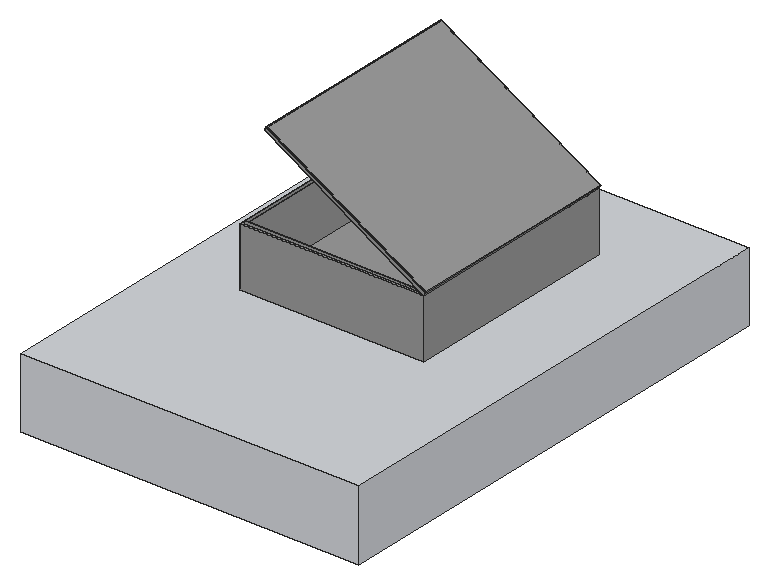
Revit family "Hager-Univers-IP55-D275-H950-Cl.I-Steel_encl-DE-de", category Equipement électrique, Revit 2020
Family settings
  Hôte = Face
  Configuration du panneau = Deux colonnes, circuits au sein
  Cote de connecteur circulaire = Utiliser le diamètre
  Type d'élément = Tableau de raccordement
  Couper avec des vides une fois chargée = Non
  Partagée = Non
  Point de calcul de pièce = Non
Parameters (values of type "Aufputz IP55 B800 H950 T275  - FR63E")
  Width Control [instance] = if([EF000008 - Breite] > Min Width, [EF000008 - Breite], Min Width)  # 800 mm
  Commentaires du type = [HG000003 - Bereich]  # "Univers"
  Thickness Door [instance] = if([EF009171 - Materialstärke Tür/Deckel] > 3 mm, 3 mm, [EF009171 - Materialstärke Tür/Deckel])  # 1.5 mm
  Seal Frame Offset [instance] = 17 mm  # constant formula
  Plinth Visibility [instance] = [HG000027 - Sockelhöhe] > 0 mm  # no
  Model = ""
  Min Width [instance] = 100 mm  # constant formula
  Min Height [instance] = 100 mm  # constant formula
  Min Depth [instance] = (2 * [EF009170 - Materialstärke Gehäuse]) + 1 mm  # 4 mm
  Internal Frame Depth [instance] = (Door System Depth * 0.5)  # 9 mm
  Height Control [instance] = if([EF000040 - Höhe] > Min Height, [EF000040 - Höhe], Min Height)  # 950 mm
  HG000027 - Sockelhöhe = 0 mm
  HG000026 - Stehend auf dem Boden = no
  HG000024 - Höhe des unteren Teils = 800 mm
  HG000023 - Gehäuse mit doppeltem Querschnitt = no
  HG000016 - 3D-Türsichtbarkeit [instance] = yes
  HG000015 - Sichtbarkeit der Türöffnung [instance] = no
  HG000014 - Tür rechts [instance] = yes
  HG000013 - Tür links [instance] = not([HG000014 - Tür rechts])  # no
  HG000012 - Türschwenkwinkel [instance] = 30.00°
  HG000010 - Asymmetrische Türen = no
  HG000009 - Doppelflügeligen Tür = no
  HG000006 - Unterputz = no
  HG000004 - Herstellerreferenz = "FR63E"
  HG000003 - Bereich = "Univers"
  HG000002 - Mit tür = yes
  Frame Offset Bottom [instance] = 10 mm  # constant formula
  Frame Offset [instance] = 15 mm  # constant formula
  EF015940 - Deckel mit Überdruckentlastung = no
  EF011959 - Schutzart (NEMA) = ""
  EF009554 - Anzahl der Öffnungen für Flanschplatten = 6
  Fabricant = "Hager"  # constant formula
  EF009212 - Ausführung Deckel = "EV000116 - geschlossen"
  EF009171 - Materialstärke Tür/Deckel = 1.5 mm
  EF009170 - Materialstärke Gehäuse = 1.5 mm
  EF008873 - Nennstrom (In) = 800 A
  EF007800 - Geeignet für Blitzschutz = no
  EF006306 - Mit Schloss = no
  EF006244 - Transparenter Deckel/Tür = no
  EF005474 - Schutzart (IP) = "EV006420 - IP55"
  EF004464 - Art der Tür = "EV002646 - Einzel"
  EF004427 - Anzahl der Module = 216
  EF004293 - Schlagfestigkeit = "EV008784 - IK10"
  EF003532 - Geeignet für Außengebrauch = no
  EF002950 - Breite in Teilungseinheiten = 24
  EF001613 - Funktionserhalt = "EV000494 - ohne"
  EF001596 - Werkstoff des Gehäuses = "EV000179 - Stahl"
  EF001131 - Innentiefe = 275 mm
  EF001088 - Anbaumöglichkeit = yes
  EF000437 - Anzahl der Leitungseinführungen = 6
  EF000339 - Art der Abdeckung = "EV004216 - Tür"
  EF000266 - Anzahl der Reihen = 6
  EF000218 - Einbautiefe = 0 mm
  EF000118 - Mit Montageplatte = no
  EF000116 - RAL-Nummer = "7035"
  EF000049 - Tiefe = 275 mm
  EF000040 - Höhe = 950 mm
  EF000008 - Breite = 800 mm
  EF000007 - Farbe = "EV000270 - grau"
  EF000003 - Montageart = "EV000384 - Aufputz"
  Door System Leaf Tolerance [instance] = 1.5 mm  # constant formula
  Door System Depth [instance] = 18 mm  # constant formula
  Door Height [instance] = Height Control - [HG000027 - Sockelhöhe]  # 950 mm
  Depth Control [instance] = if([EF000049 - Tiefe] > Min Depth, [EF000049 - Tiefe], Min Depth)  # 275 mm
  Default Elevation = 0 mm
  Connector Offset [instance] = Height Control / 2  # 475 mm
  Bottom Top Plate Trim [instance] = 1.5 mm  # constant formula
  Plinth height Ctrl [instance] = if([HG000027 - Sockelhöhe] > 0 mm, [HG000027 - Sockelhöhe], 12 mm)  # 12 mm
Types (5, lengths in mm): name | Width Control | HG000010 - Asymmetrische Türen | HG000009 - Doppelflügeligen Tür | HG000004 - Herstellerreferenz | EF009554 - Anzahl der Öffnungen für Flanschplatten | EF004464 - Art der Tür | EF004427 - Anzahl der Module | EF000437 - Anzahl der Leitungseinführungen | EF000008 - Breite
  Aufputz IP55 B1050 H950 T275  - FR64E | 1050 | no | yes | "FR64E" | 8 | "EV003602 - Doppel" | 288 | 8 | 1050
  Aufputz IP55 B1300 H950 T275  - FR65E | 1300 | yes | yes | "FR65E" | 10 | "EV003602 - Doppel" | 360 | 10 | 1300
  Aufputz IP55 B300 H950 T275  - FR61E | 300 | no | no | "FR61E" | 2 | "EV002646 - Einzel" | 72 | 2 | 300
  Aufputz IP55 B550 H950 T275  - FR62E | 550 | no | no | "FR62E" | 4 | "EV002646 - Einzel" | 144 | 4 | 550
  Aufputz IP55 B800 H950 T275  - FR63E | 800 | no | no | "FR63E" | 6 | "EV002646 - Einzel" | 216 | 6 | 800
Reference planes
  plane 1 "Center (Front/Back)": y = 0
  plane 2: z = 0
  plane 3 "Center (Left/Right)": x = 0
  plane 4: z = 275
  plane 5: y = 1.5
  plane 6: y = 475
  plane 7: y = 0
  plane 8: y = 950
  plane 9: z = 0
  plane 10: x = -385
  plane 11: x = 385
  plane 12: x = 383.5
  plane 13: x = -383.5
  plane 14: y = 948.5
  plane 15: x = -383
  plane 16: x = -400
  plane 17: x = 383
  plane 18: x = 400
  plane 19: x = 398.5
  plane 20: x = -398.5
  plane 21: y = 11.5
  plane 22: y = 950
  plane 23: y = 933.5
  plane 24: z = 257
  plane 25: z = 1.5
  plane 26: z = 255.5
  plane 27: z = 273.5
Forms (mm)
  Extrusion 1, solid
    sketch origin (0, 0, 0) x (1, 0, 0) y (0, 1, 0)
      loop
        line (-702.964, 1305) -> (-702.964, -811.445) -> (766.763, -811.445) -> (766.763, 1305) -> (-702.964, 1305)
    from 0 to -304.8
  Extrusion 2, solid, material "Hager_Steel_RAL7035_Light_Grey", visible <- "Plinth Visibility", detail levels medium+fine
    sketch origin (0, 0, 0) x (1, 0, 0) y (0, 1, 0)
      loop
        line (-400, 0) -> (400, 0) -> (400, 12) -> (-400, 12) -> (-400, 0)
    from 0 to 257
  Extrusion 3, solid, material "Hager_Steel_RAL7035_Light_Grey", detail levels medium+fine
    sketch origin (0, 0, 0) x (1, 0, 0) y (0, 1, 0)
      loop
        line (-400, 0) -> (400, 0) -> (400, 950) -> (-400, 950) -> (-400, 0)
    from 0 to 257
  Extrusion 4, void
    sketch origin (0, 0, 0) x (1, 0, 0) y (0, 1, 0)
      loop
        line (-398.5, 1.5) -> (398.5, 1.5) -> (398.5, 948.5) -> (-398.5, 948.5) -> (-398.5, 1.5)
    from 1.5 to 255.5
  Extrusion 5, void
    sketch origin (-381.607, -4572, 257) x (0, -1, 0) y (-1, 0, 0)
      loop
        line (-4583.5, 1.893) -> (-5505.5, 1.893) -> (-5505.5, -765.107) -> (-4583.5, -765.107) -> (-4583.5, 1.893)
    from 0 to 1.5 <- "EF009170 - Materialstärke Gehäuse"
  Extrusion 6, solid, material "Hager_Steel_RAL7035_Light_Grey", detail levels fine
    sketch origin (0, 0, 257) x (1, 0, 0) y (0, 1, 0)
      loop
        line (-383.5, 933.5) -> (-383.5, 11.5) -> (383.5, 11.5) -> (383.5, 933.5) -> (-383.5, 933.5)
      loop
        line (-385, 10) -> (385, 10) -> (385, 935) -> (-385, 935) -> (-385, 10)
    from 0 to 9 <- "Internal Frame Depth"
  Extrusion 7, solid, material "Hager_Steel_RAL7035_Light_Grey", detail levels coarse
    sketch origin (0, 0, 0) x (1, 0, 0) y (0, 1, 0)
      loop
        line (-400, 0) -> (400, 0) -> (400, 950) -> (-400, 950) -> (-400, 0)
    from 0 to 275
  Sweep 8, void
    path in 3D
      loop
        line (-400, 12, 0) -> (400, 12, 0) -> (400, 12, 257) -> (-400, 12, 257) -> (-400, 12, 0)
    profile origin (-400, 12, 128.5) x (-1, 0, 0) y (0, -1, 0)
      loop
        line (0, 0) -> (0, 1.5) -> (-1.5, 1.5)
        arc (-1.5, 1.5) -> (-1.061, 0.439) -> (0, 0) r 1.5
Cuts and joins
  Extrusion 4, Extrusion 5 cuts Extrusion 3
  Sweep 8 cuts Extrusion 2
Lines and regions (mm)
  Masking region 1
    outline origin (0, 0, 0) x (1, 0, 0) y (0, 0, 1)
      loop
        line (-400, 275) -> (-400, 0) -> (400, 0) -> (400, 275) -> (-400, 275)
  Masking region 2, detail levels medium+fine
    outline origin (0, 140, 0) x (0, 1, 0) y (0, 0, 1)
      loop
        line (-140, 0) -> (810, 0) -> (810, 257) -> (-140, 257) -> (-140, 0)
  Masking region 3, not visible, detail levels medium+fine
    outline origin (0, 297.922, 0) x (0, 1, 0) y (0, 0, 1)
      loop
        line (188.578, 0) -> (228.578, 0) -> (228.578, 263.5)
        arc (228.578, 263.5) -> (225.649, 270.571) -> (218.578, 273.5) r 10
        line (218.578, 273.5) -> (188.578, 273.5) -> (188.578, 0)
  Masking region 4, detail levels coarse
    outline origin (0, 0, 180) x (0, 1, 0) y (0, 0, 1)
      loop
        line (0, -180) -> (950, -180) -> (950, 95) -> (0, 95) -> (0, -180)
  Masking region 5, visible <- "Plinth Visibility", detail levels medium+fine
    outline origin (0, 52.24, 12.345) x (0, 0, -1) y (0, 1, 0)
      loop
        line (10.845, -40.24) -> (-243.155, -40.24)
        arc (-243.155, -40.24) -> (-243.594, -41.301) -> (-244.655, -41.74) r 1.5
        line (-244.655, -41.74) -> (-244.655, -52.24) -> (12.345, -52.24) -> (12.345, -41.74)
        arc (12.345, -41.74) -> (11.285, -41.301) -> (10.845, -40.24) r 1.5
  Masking region 6, detail levels medium+fine
    outline origin (-381.607, -4572, 257) x (-1, 0, 0) y (0, -1, 0)
      loop
        line (18.393, -5522) -> (18.393, -4572) -> (-781.607, -4572) -> (-781.607, -5522) -> (18.393, -5522)
  Masking region 7, visible <- "Plinth Visibility", detail levels medium+fine
    outline origin (-381.607, -4727, 257) x (-1, 0, 0) y (0, -1, 0)
      loop
        arc (16.893, -4739) -> (17.332, -4737.939) -> (18.393, -4737.5) r 1.5
        line (18.393, -4737.5) -> (18.393, -4727) -> (-781.607, -4727) -> (-781.607, -4737.5)
        arc (-781.607, -4737.5) -> (-780.546, -4737.939) -> (-780.107, -4739) r 1.5
        line (-780.107, -4739) -> (16.893, -4739)
  Masking region 8, detail levels coarse
    outline origin (-442.548, -4669.526, 257) x (-1, 0, 0) y (0, -1, 0)
      loop
        line (-42.548, -5619.526) -> (-42.548, -4669.526) -> (-842.548, -4669.526) -> (-842.548, -5619.526) -> (-42.548, -5619.526)
  sketch lines
    curve 1: line (-400, 12, 257) -> (-400, 12, 0)
    curve 2: line (400, 12, 257) -> (-400, 12, 257)
    curve 3: line (400, 12, 257) -> (400, 12, 0)
    curve 4: line (-400, 12, 0) -> (400, 12, 0)
Dimensions and locks
  "Depth Control": plane 4 to Extrusion 1
  "HG000027 - Sockelhöhe": plane 1 "Center (Front/Back)" to plane 7
  "EF009170 - Materialstärke Gehäuse": plane 5 to plane 7
  locked: connector elem to plane 3 "Center (Left/Right)"
  equal spacing: plane 8, plane 6, plane 7
  locked: connector elem to plane 6
  "EF009170 - Materialstärke Gehäuse": plane 8 to plane 14
  "EF009170 - Materialstärke Gehäuse": plane 10 to plane 13
  "EF009170 - Materialstärke Gehäuse": plane 12 to plane 11
  "Frame Offset": plane 20 to plane 13
  "Frame Offset": plane 12 to plane 19
  "EF009170 - Materialstärke Gehäuse": plane 16 to plane 20
  "EF009170 - Materialstärke Gehäuse": plane 19 to plane 18
  "Seal Frame Offset": plane 16 to plane 15
  "Seal Frame Offset": plane 17 to plane 18
  "Frame Offset Bottom": plane 21 to plane 5
  "Frame Offset": plane 14 to plane 23
  equal spacing: plane 16, plane 3 "Center (Left/Right)", plane 18
  "Width Control": plane 16 to plane 18
  "EF009170 - Materialstärke Gehäuse": plane 4 to plane 27
  "EF009170 - Materialstärke Gehäuse": plane 24 to plane 26
  "EF009170 - Materialstärke Gehäuse": plane 25 to level
  "Door System Depth": plane 4 to plane 24
  "Height Control": plane 1 "Center (Front/Back)" to Extrusion 7 sketch curve
  "Height Control": Masking region 4 sketch curve to plane 1 "Center (Front/Back)"
  "Height Control": plane 1 "Center (Front/Back)" to plane 22
  "Bottom Top Plate Trim": profile plane to Sweep 8 sketch curve
  "Bottom Top Plate Trim": Sweep 8 sketch curve to profile plane
  "Plinth height Ctrl": plane 1 "Center (Front/Back)" to Extrusion 2 sketch curve
  "Plinth height Ctrl": Masking region 5 sketch curve to plane 1 "Center (Front/Back)"
  "Plinth height Ctrl": plane 1 "Center (Front/Back)" to Masking region 7 sketch curve
  "Thickness Door": Extrusion 6 sketch curve to Extrusion 6 sketch curve  (x3)
  "Thickness Door": cut or joined group of Extrusion 3, Extrusion 4, Extrusion 5 to Extrusion 6 sketch curve
  radius of Masking region 3 sketch curve = 10 mm
  "Bottom Top Plate Trim": radius of Masking region 5 sketch curve  (x2)
  "Bottom Top Plate Trim": radius of Sweep 8 sketch curve
  "Bottom Top Plate Trim": radius of Masking region 7 sketch curve  (x2)
  aligned and locked: plane 2 to Extrusion 1
  aligned and locked: level to Extrusion 1
  aligned and locked: level to Masking region 1 sketch curve
  aligned and locked: Masking region 1 sketch curve to plane 18
  aligned and locked: Masking region 1 sketch curve to plane 16
  aligned and locked: plane 7 to Masking region 2 sketch curve
  aligned and locked: level to Masking region 3 sketch curve
  aligned and locked: Masking region 3 sketch curve to plane 27
  aligned and locked: level to Masking region 2 sketch curve
  aligned and locked: plane 1 "Center (Front/Back)" to Extrusion 2 sketch curve
  aligned and locked: Extrusion 3 sketch curve to plane 7
  aligned and locked: plane 16 to Extrusion 3 sketch curve
  aligned and locked: plane 18 to Extrusion 3 sketch curve
  aligned and locked: plane 20 to Extrusion 4 sketch curve
  aligned and locked: plane 19 to Extrusion 4 sketch curve
  aligned and locked: Extrusion 4 sketch curve to plane 5
  aligned and locked: Extrusion 4 to plane 25
  aligned and locked: plane 26 to Extrusion 4
  aligned and locked: plane 24 to Extrusion 3
  aligned and locked: Extrusion 5 sketch curve to plane 21
  aligned and locked: Extrusion 5 sketch curve to plane 13
  aligned and locked: Extrusion 5 sketch curve to plane 12
  aligned and locked: plane 18 to Extrusion 7 sketch curve
  aligned and locked: plane 1 "Center (Front/Back)" to Extrusion 7 sketch curve
  aligned and locked: plane 16 to Extrusion 7 sketch curve
  aligned and locked: plane 4 to Extrusion 7
  aligned and locked: Extrusion 7 to level
  aligned and locked: level to Masking region 4 sketch curve
  aligned and locked: Masking region 4 sketch curve to plane 1 "Center (Front/Back)"
  aligned and locked: Masking region 4 sketch curve to plane 4
  aligned and locked: nested 1 to level
  aligned and locked: nested 1 to plane 16
  aligned and locked: plane 8 to Extrusion 3 sketch curve
  aligned and locked: plane 23 to Extrusion 5 sketch curve
  aligned and locked: plane 14 to Extrusion 4 sketch curve
  aligned and locked: Masking region 2 sketch curve to plane 8
  aligned and locked: level to Masking region 5 sketch curve
  aligned and locked: plane 16 to Extrusion 2 sketch curve
  aligned and locked: plane 18 to Extrusion 2 sketch curve
  aligned and locked: Masking region 5 sketch curve to plane 24
  aligned and locked: Masking region 2 sketch curve to plane 24
  aligned and locked: plane 24 to Extrusion 2
  aligned and locked: profile plane to Sweep 8 sketch curve  (x2)
  aligned and locked: Masking region 6 sketch curve to plane 18
  aligned and locked: Masking region 6 sketch curve to plane 22
  aligned and locked: Masking region 6 sketch curve to plane 16
  aligned and locked: plane 8 to plane 22
  aligned and locked: Masking region 6 sketch curve to plane 7
  aligned and locked: Masking region 7 sketch curve to plane 16
  aligned and locked: Masking region 7 sketch curve to plane 1 "Center (Front/Back)"
  aligned and locked: Masking region 7 sketch curve to plane 18
  aligned and locked: Masking region 8 sketch curve to plane 1 "Center (Front/Back)"
  aligned and locked: Masking region 8 sketch curve to plane 18
  aligned and locked: Masking region 8 sketch curve to plane 22
  aligned and locked: Masking region 8 sketch curve to plane 16
  aligned and locked: nested 2 to plane 7
  aligned and locked: plane 3 "Center (Left/Right)" to nested 2
  aligned and locked: nested 2 to plane 24
  aligned and locked: Extrusion 6 sketch curve to cut or joined group of Extrusion 3, Extrusion 4, Extrusion 5  (x4)
Automatic sketch dimensions
  Extrusion 1 sketch curve to Extrusion 1 sketch curve = 1469.727 mm
  Extrusion 1 sketch curve to Extrusion 1 sketch curve = 2116.445 mm
  Masking region 1 sketch curve to plane 4 = 0 mm
  plane 6 to Masking region 3 sketch curve = 11.5 mm
  Masking region 3 sketch curve to Masking region 3 sketch curve = 30 mm
  Masking region 5 sketch curve to plane 1 "Center (Front/Back)" = 0 mm
Nested families
  nested 1: "Hager_Enclosure_Symbol" at (-400, 0, 0) x (1, 0, 0) z (0, -1, 0), Height <- "Depth Control", Width <- "Width Control", type "Hager_Enclosure_Symbol"
    with Width_Ctrl 800 mm, Width 800 mm, Height_Ctrl 275 mm, Height 275 mm, A_Width_Int 18.047 mm, A_Width 216.562 mm, A_Height_Ctrl 240.625 mm, A_Height 240.625 mm
  nested 2: "EC000058_Univers_Door" at (0, 0, 257) x (1, 0, 0) z (0, 1, 0), Leaf_Tolerance <- "Door System Leaf Tolerance", Angle <- "HG000012 - Türschwenkwinkel", Door_Depth <- "Door System Depth", Door_Left <- "HG000013 - Tür links", Transparent <- "EF006244 - Transparenter Deckel/Tür", Assymetrical <- "HG000010 - Asymmetrische Türen", Width <- "Width Control", Clearance <- "HG000015 - Sichtbarkeit der Türöffnung", Double <- "HG000009 - Doppelflügeligen Tür", 3d_Door <- "HG000016 - 3D-Türsichtbarkeit", Lock_Visibility <- "EF006306 - Mit Schloss", Width_Ctrl <- "Width Control", Door_Right <- "HG000014 - Tür rechts", Door <- "HG000002 - Mit tür", Height <- "Door Height", Thickness <- "Thickness Door", type "EC000058_Univers_Door", detail levels medium+fine
    with min_wh 4 mm, Width_Ctrl 800 mm, Width 800 mm, Transparent no, Thickness 1.5 mm, Seal_Material Hager_Rubber, Lock_Visibility no, Lock_Material Hager_Plastic_RAL9005_Jet_Black, Leaf_Width 800 mm, Leaf_Tolerance_External_Sides 0 mm, Leaf_Tolerance 1.5 mm, Leaf_Offset 0 mm, Leaf_Height 947 mm, Leaf_2_Width 800 mm, Leaf_2_Offset 400 mm, Leaf_1_Width 800 mm, Leaf_1_Offset 400 mm, Height_Ctrl 950 mm, Height 950 mm, Glass_Material Hager_Glass, Double_Clearance_Ctrl no, Double no, Door_Right_Ctrl yes, Door_Right yes, Door_Material Hager_Steel_RAL7035_Light_Grey, Door_Left_Ctrl no, Door_Left no, Door_Depth 18 mm, Door yes, Clearance_Material Hager_Clearance, Clearance_Depth 800 mm, Clearance_Ctrl no, Clearance no, Assymetrical no, Angle 30.00°, 3d_Door yes
Connectors
  electrical at (0, 475, 0)
    settings: on plane 9, index 1, voltage 0 V, apparent load 0 VA, apparent load phase1 0 VA, apparent load phase2 0 VA, apparent load phase3 0 VA, power factor 1, load classification "Other", number of poles 1, system type 30, power factor state 1, is connector primary yes, connector utility no, sub classification motor no, connector description ""
Definition of nested family "EC000058_Univers_Door"
  Parameters (values of type "EC000058_Univers_Door")
    min_wh [instance] = (2 * Thickness) + 1 mm  # 11 mm
    Width_Ctrl [instance] = 400 mm
    Width [instance] = 500 mm
    Transparent [instance] = yes
    Thickness [instance] = 5 mm
    Seal_Material [instance] = none
    Lock_Visibility [instance] = yes
    Lock_Material [instance] = none
    Leaf_Width [instance] = if((Width_Ctrl - 2 * Leaf_Tolerance_External_Sides) > 0 mm, (Width_Ctrl - 2 * Leaf_Tolerance_External_Sides), min_wh)  # 400 mm
    Leaf_Tolerance_External_Sides [instance] = 0 mm  # constant formula
    Leaf_Tolerance [instance] = 1.5 mm
    Leaf_Offset [instance] = 0 mm  # constant formula
    Leaf_Height [instance] = if((Height_Ctrl - 2 * Leaf_Tolerance) > 0 mm, (Height_Ctrl - 2 * Leaf_Tolerance), min_wh)  # 497 mm
    Leaf_2_Width [instance] = if(and(and(Double, Assymetrical), Door_Left), (Leaf_Width / 3) - (Leaf_Tolerance / 2), if(and(and(Double, Assymetrical), Door_Right), (Leaf_Width / 3) * 2 - (Leaf_Tolerance / 2), if(and(Double, not(Assymetrical)), (Leaf_Width / 2) - Leaf_Tolerance, Leaf_Width)))  # 400 mm
    Leaf_2_Offset [instance] = if(and(Double, Assymetrical), Leaf_2_Width / 2, if(and(Double, not(Assymetrical)), Leaf_Width / 4, Leaf_Width / 2))  # 200 mm
    Leaf_1_Width [instance] = if(and(and(Double, Assymetrical), Door_Right), (Leaf_Width / 3) - (Leaf_Tolerance / 2), if(and(and(Double, Assymetrical), Door_Left), (Width / 3) * 2 - (Leaf_Tolerance / 2), if(and(Double, not(Assymetrical)), (Leaf_Width / 2) - Leaf_Tolerance, Leaf_Width)))  # 400 mm
    Leaf_1_Offset [instance] = if(and(Double, Assymetrical), Leaf_1_Width / 2, if(and(Double, not(Assymetrical)), Leaf_Width / 4, Leaf_Width / 2))  # 200 mm
    Height_Ctrl [instance] = if(Height > min_wh, Height, min_wh)  # 500 mm
    Height [instance] = 500 mm
    Glass_Material [instance] = none
    Double_Clearance_Ctrl [instance] = and(Double, Clearance)  # no
    Double [instance] = no
    Door_Right_Ctrl [instance] = and(or(Door_Right, Double), Door)  # yes
    Door_Right [instance] = yes
    Door_Material [instance] = none
    Door_Left_Ctrl [instance] = and(or(Door_Left, Double), Door)  # no
    Door_Left [instance] = no
    Door_Depth [instance] = 30 mm
    Door [instance] = yes
    Default Elevation = 1219.2 mm
    Clearance_Material [instance] = none
    Clearance_Depth [instance] = if(Leaf_1_Width > Leaf_2_Width, Leaf_1_Width, Leaf_2_Width)  # 400 mm
    Clearance_Ctrl [instance] = and(not(Double), Clearance)  # yes
    Clearance [instance] = yes
    Assymetrical [instance] = yes
    Angle [instance] = 30.00°
    3d_Door [instance] = yes
  Reference planes
    plane 1 "Center (Front/Back)": y = 0
    plane 2 "Bottom": z = 0
    plane 3 "Center (Left/Right)": x = 0
    plane 4: z = 500
    plane 5: x = -200
    plane 6: x = 200
    plane 7: z = 500
    plane 8: x = -200
    plane 9: z = 0
    plane 10: x = 200
    plane 11: y = 0
    plane 12: z = 1.5
    plane 13: x = -600
    plane 14: y = -400
    plane 15: x = 600
    plane 16: x = 0
    plane 17: x = 0
    plane 18: x = -200
    plane 19: x = 200
    plane 20: z = 498.5
  Forms (mm)
    Extrusion 1, solid, material <- "Clearance_Material", visible <- "Double_Clearance_Ctrl"
      sketch origin (1200, 0, 0) x (1, 0, 0) y (0, 0, -1)
        loop
          line (-1800, -498.5) -> (-600, -498.5) -> (-600, 0) -> (-1800, 0) -> (-1800, -498.5)
      from 0 to -400
  Dimensions and locks
    equal spacing: plane 5, plane 3 "Center (Left/Right)", plane 6
    "Width_Ctrl": plane 5 to plane 6
    "Leaf_Offset": plane 5 to plane 8
    "Leaf_Offset": plane 6 to plane 10
    "Leaf_Offset": plane 9 to level
    "Leaf_Offset": plane 4 to plane 7
    "Height_Ctrl": plane 4 to level
    "Leaf_Tolerance": plane 12 to plane 9
    locked: plane 11 to plane 1 "Center (Front/Back)"
    "Leaf_1_Offset": plane 18 to plane 16
    "Leaf_2_Offset": plane 17 to plane 19
    "Leaf_1_Width": plane 13 to plane 8
    "Leaf_2_Width": plane 10 to plane 15
    "Clearance_Depth": plane 14 to plane 1 "Center (Front/Back)"
    "Leaf_Tolerance_External_Sides": plane 8 to plane 18
    "Leaf_Tolerance_External_Sides": plane 19 to plane 10
    "Leaf_Tolerance": plane 7 to plane 20
    aligned and locked: level to plane 2 "Bottom"
    aligned and locked: nested 1 to plane 16
    aligned and locked: nested 2 to plane 17
    aligned and locked: Extrusion 1 to plane 13
    aligned and locked: plane 15 to Extrusion 1
    aligned and locked: Extrusion 1 to plane 14
    aligned and locked: plane 12 to nested 1
    aligned and locked: nested 2 to plane 12
    aligned and locked: Extrusion 1 to plane 11
    aligned and locked: plane 20 to Extrusion 1
    aligned and locked: nested 2 to plane 11
    aligned and locked: nested 1 to plane 11
  Automatic sketch dimensions
    Extrusion 1 sketch curve to level = 0 mm
    plane 5 to Extrusion 1 sketch curve = 400 mm
    plane 6 to Extrusion 1 sketch curve = 400 mm
    Extrusion 1 sketch curve to plane 4 = 1.5 mm
  Nested families
    nested 1: "EC000058_Univers_Door_Leaf" at (0, 0, 1.5), Width <- "Leaf_1_Width", visible <- "Door_Left_Ctrl", Leaf_Height <- "Leaf_Height", Angle <- "Angle", 3d_Door <- "3d_Door", Transparent <- "Transparent", Clearance Material <- "Clearance_Material", Clearance <- "Clearance_Ctrl", Door_Material <- "Door_Material", Glass_Material <- "Glass_Material", Door_Depth <- "Door_Depth", Lock_Material <- "Lock_Material", Seal_Material <- "Seal_Material", Lock_Visibility <- "Lock_Visibility", Thickness <- "Thickness", type "EC000058_Univers_Door_Leaf"
      with Width 400 mm, Transparent_Glass_Offset 30 mm, Transparent_Ctrl yes, Transparent yes, Thickness 5 mm, Standard no, Seal_Material none, Seal_D2 8 mm, Seal_D1 1 mm, Offset_Internal_Frame 10 mm, Lock_Width 20 mm, Lock_Visibility_3d yes, Lock_Visibility yes, Lock_Thickness_3 3 mm, Lock_Thickness_2 1 mm, Lock_Thickness_1 3 mm, Lock_Radius_Offset_2 16 mm, Lock_Radius_Offset_1 15 mm, Lock_Radius_2 5 mm, Lock_Radius 6 mm, Lock_Offset 5 mm, Lock_Material none, Lock_Height 80 mm, Lock_Cover_Top_Offset_2d 17 mm, Lock_Cover_Height -65 mm, Leaf_Height 497 mm, Internal_Seal_Thickness 8 mm, Internal_Seal_Depth_2 4.5 mm, Internal_Frame_Depth 25 mm, Glass_Thickness -1 mm, Glass_Offset -2 mm, Glass_Material none, Door_Material none, Door_Depth 30 mm, Clearance Material none, Clearance yes, Angle_Ctrl 30.00°, Angle 30.00°, 3d_Door yes
    nested 2: "EC000058_Univers_Door_Leaf" at (0, 0, 1.5) x (-1, 0, 0) z (0, 0, 1), Width <- "Leaf_2_Width", visible <- "Door_Right_Ctrl", Leaf_Height <- "Leaf_Height", Angle <- "Angle", 3d_Door <- "3d_Door", Transparent <- "Transparent", Clearance Material <- "Clearance_Material", Clearance <- "Clearance_Ctrl", Door_Material <- "Door_Material", Glass_Material <- "Glass_Material", Door_Depth <- "Door_Depth", Lock_Material <- "Lock_Material", Seal_Material <- "Seal_Material", Lock_Visibility <- "Lock_Visibility", Thickness <- "Thickness", type "EC000058_Univers_Door_Leaf"
      with Width 400 mm, Transparent_Glass_Offset 30 mm, Transparent_Ctrl yes, Transparent yes, Thickness 5 mm, Standard no, Seal_Material none, Seal_D2 8 mm, Seal_D1 1 mm, Offset_Internal_Frame 10 mm, Lock_Width 20 mm, Lock_Visibility_3d yes, Lock_Visibility yes, Lock_Thickness_3 3 mm, Lock_Thickness_2 1 mm, Lock_Thickness_1 3 mm, Lock_Radius_Offset_2 16 mm, Lock_Radius_Offset_1 15 mm, Lock_Radius_2 5 mm, Lock_Radius 6 mm, Lock_Offset 5 mm, Lock_Material none, Lock_Height 80 mm, Lock_Cover_Top_Offset_2d 17 mm, Lock_Cover_Height -65 mm, Leaf_Height 497 mm, Internal_Seal_Thickness 8 mm, Internal_Seal_Depth_2 4.5 mm, Internal_Frame_Depth 25 mm, Glass_Thickness -1 mm, Glass_Offset -2 mm, Glass_Material none, Door_Material none, Door_Depth 30 mm, Clearance Material none, Clearance yes, Angle_Ctrl 30.00°, Angle 30.00°, 3d_Door yes
  Definition of nested family "EC000058_Univers_Door_Leaf"
    Parameters (values of type "EC000058_Univers_Door_Leaf")
      Width [instance] = 2000 mm
      Transparent_Glass_Offset [instance] = 30 mm
      Transparent_Ctrl [instance] = and(Transparent, [3d_Door])  # yes
      Transparent [instance] = yes
      Thickness [instance] = 5 mm
      Standard [instance] = and(not(Transparent), [3d_Door])  # no
      Seal_Material [instance] = none
      Seal_D2 [instance] = 8 mm  # constant formula
      Seal_D1 [instance] = 1 mm  # constant formula
      Offset_Internal_Frame [instance] = 10 mm  # constant formula
      Lock_Width [instance] = 20 mm  # constant formula
      Lock_Visibility_3d [instance] = and(Lock_Visibility, [3d_Door])  # yes
      Lock_Visibility [instance] = yes
      Lock_Thickness_3 [instance] = 3 mm  # constant formula
      Lock_Thickness_2 [instance] = 1 mm  # constant formula
      Lock_Thickness_1 [instance] = 3 mm  # constant formula
      Lock_Radius_Offset_2 [instance] = Lock_Radius_Offset_1 + 1 mm  # 16 mm
      Lock_Radius_Offset_1 [instance] = 15 mm  # constant formula
      Lock_Radius_2 [instance] = Lock_Radius - 1 mm  # 5 mm
      Lock_Radius [instance] = 6 mm  # constant formula
      Lock_Offset [instance] = 5 mm  # constant formula
      Lock_Material [instance] = none
      Lock_Height [instance] = 80 mm  # constant formula
      Lock_Cover_Top_Offset_2d [instance] = Lock_Radius_Offset_2 + 1 mm  # 17 mm
      Lock_Cover_Height [instance] = -(Lock_Height - Lock_Radius_Offset_1)  # -65 mm
      Leaf_Height [instance] = 2720.336 mm
      Internal_Seal_Thickness [instance] = 8 mm  # constant formula
      Internal_Seal_Depth_2 [instance] = 4.5 mm  # constant formula
      Internal_Frame_Depth [instance] = if(Door_Depth - Thickness > 5 mm, Door_Depth - Thickness, 5 mm)  # 25 mm
      Glass_Thickness [instance] = if(Thickness > 15 mm, Glass_Offset + 10 mm, -1 mm)  # -1 mm
      Glass_Offset [instance] = if(Thickness > 15 mm, -(Thickness + 10 mm) / 2, -2 mm)  # -2 mm
      Glass_Material [instance] = none
      Door_Material [instance] = none
      Door_Depth [instance] = 30 mm
      Default Elevation = 0 mm
      Clearance Material [instance] = none
      Clearance [instance] = yes
      Angle_Ctrl [instance] = if(Angle > 180.00°, 180.00°, Angle)  # 90.00°
      Angle [instance] = 90.00°
      3d_Door [instance] = yes
    Reference planes
      plane 1 "Center (Front/Back)": y = 0
      plane 2: z = 0
      plane 3 "Center (Left/Right)": x = 0
      plane 4: y = 2000
      plane 5: x = -1000
      plane 6: x = 1000
      plane 7: x = -3000
      plane 8: z = 2720.336
      plane 9: z = 30
      plane 10: z = 2690.336
      plane 11: x = 970
      plane 12: x = -970
      plane 13: y = -3
      plane 14: z = 107.833
      plane 15: y = -5
      plane 16: y = -223.314
      plane 17: x = -1000
      plane 18: z = 1360.168
      plane 19: y = 30
    Forms (mm)
      Extrusion 1, solid, material <- "Clearance Material", visible <- "Clearance"
        sketch origin (0, 0, 0) x (1, 0, 0) y (0, 0, 1)
          loop
            line (-3000, 2720.336) -> (-3000, 0) -> (1000, 0) -> (1000, 2720.336) -> (-3000, 2720.336)
        from 0 to -2000
      Extrusion 2, solid, material <- "Door_Material", visible <- "Standard", detail levels medium+fine
        sketch origin (-1000, 0, 0) x (0, 1, 0) y (-1, 0, 0)
          loop
            line (0, 30) -> (0, 25) -> (2000, 25) -> (2000, 30) -> (0, 30)
        from 0 to 2720.336 <- "Leaf_Height"
      Extrusion 3, solid, material <- "Door_Material", visible <- "Transparent_Ctrl", detail levels medium+fine
        sketch origin (-1000, 0, 0) x (0, 1, 0) y (-1, 0, 0)
          loop
            line (0, 25) -> (2000, 25) -> (2000, 30) -> (0, 30) -> (0, 25)
        from 0 to 2720.336 <- "Leaf_Height"
      Extrusion 4, void
        sketch origin (-1025, 2000, 0) x (0, 1, 0) y (0, 0, -1)
          loop
            line (-30, -2690.336) -> (-30, -30) -> (-1970, -30) -> (-1970, -2690.336) -> (-30, -2690.336)
        from 0 to 5 <- "Thickness"
      Sweep 5, solid, material <- "Seal_Material", visible <- "Transparent_Ctrl", detail levels fine
        path in 3D
          loop
            line (-1025, 30, 30) -> (-1025, 30, 2690.336) -> (-1025, 1970, 2690.336) -> (-1025, 1970, 30) -> (-1025, 30, 30)
        profile origin (-1025, 1000, 30) x (1, 0, 0) y (0, 0, 1)
          loop
            line (0, 0) -> (0, -8) -> (1, -8) -> (1, 0) -> (0, 0)
      Extrusion 6, solid, material <- "Glass_Material", visible <- "Transparent_Ctrl", detail levels medium+fine
        sketch origin (-1030, 0, 0) x (0, 1, 0) y (0, 0, -1)
          loop
            line (1970, -2690.336) -> (1970, -30) -> (30, -30) -> (30, -2690.336) -> (1970, -2690.336)
        from -2 <- "Glass_Offset" to -1 <- "Glass_Thickness"
      Extrusion 7, solid, material <- "Door_Material", visible <- "3d_Door", detail levels medium+fine
        sketch origin (-1025, 2000, 0) x (0, -1, 0) y (0, 0, -1)
          loop
            line (0, -2720.336) -> (2000, -2720.336) -> (2000, 0) -> (0, 0) -> (0, -2720.336)
          loop
            line (1995, -5) -> (5, -5) -> (5, -2715.336) -> (1995, -2715.336) -> (1995, -5)
        from 0 to 25 <- "Internal_Frame_Depth"
      Sweep 8, solid, material <- "Seal_Material", visible <- "Transparent_Ctrl", detail levels fine
        path in 3D
          loop
            line (-1025, 0, 0) -> (-1025, 2000, 0) -> (-1025, 2000, 2720.336) -> (-1025, 0, 2720.336) -> (-1025, 0, 0)
        profile origin (-1025, 0, 1360.168) x (1, 0, 0) y (0, 1, 0)
          loop
            line (0, 10) -> (2.975, 10)
            arc (2.975, 10) -> (4.053, 10.447) -> (4.5, 11.525) r 1.525
            line (4.5, 11.525) -> (4.5, 16.527)
            arc (4.5, 16.527) -> (4.069, 17.569) -> (3.027, 18) r 1.473
            line (3.027, 18) -> (0, 18) -> (0, 10)
      Extrusion 9, solid, material <- "Lock_Material", visible <- "Lock_Visibility_3d", detail levels fine
        sketch origin (-1030, 0, 0) x (0, 1, 0) y (0, 0, -1)
          loop
            arc (1993.5, -1400.168) -> (1994.561, -1399.729) -> (1995, -1398.668) r 1.5
            line (1995, -1398.668) -> (1995, -1320.168) -> (1975, -1320.168) -> (1975, -1398.668)
            arc (1975, -1398.668) -> (1975.439, -1399.729) -> (1976.5, -1400.168) r 1.5
            line (1976.5, -1400.168) -> (1993.5, -1400.168)
        from 3 <- "Lock_Thickness_1" to 0
      Blend 10, solid, material <- "Lock_Material", visible <- "Lock_Visibility_3d", detail levels fine
        base sketch origin (-1033, 0, 0) x (0, 1, 0) y (0, 0, -1)
          loop
            line (1975, -1320.168) -> (1975, -1398.668)
            arc (1975, -1398.668) -> (1975.439, -1399.729) -> (1976.5, -1400.168) r 1.5
            line (1976.5, -1400.168) -> (1993.5, -1400.168)
            arc (1993.5, -1400.168) -> (1994.561, -1399.729) -> (1995, -1398.668) r 1.5
            line (1995, -1398.668) -> (1995, -1320.168) -> (1975, -1320.168)
        top sketch origin (-1033, 0, 0) x (0, 1, 0) y (0, 0, -1)
          loop
            line (1976, -1320.168) -> (1976, -1398.668)
            arc (1976, -1398.668) -> (1976.146, -1399.022) -> (1976.5, -1399.168) r 0.5
            line (1976.5, -1399.168) -> (1993.5, -1399.168)
            arc (1993.5, -1399.168) -> (1993.854, -1399.022) -> (1994, -1398.668) r 0.5
            line (1994, -1398.668) -> (1994, -1320.168) -> (1976, -1320.168)
        from 0 to 1 <- "Lock_Thickness_2"
      Blend 11, solid, material <- "Lock_Material", visible <- "Lock_Visibility_3d", detail levels fine
        base sketch origin (-1034, 0, 0) x (0, 1, 0) y (0, 0, -1)
          loop
            line (1978, -1320.168) -> (1978, -1384.168)
            arc (1978, -1384.168) -> (1985, -1391.168) -> (1992, -1384.168) r 7
            line (1992, -1384.168) -> (1992, -1320.168) -> (1978, -1320.168)
        top sketch origin (-1034, 0, 0) x (0, 1, 0) y (0, 0, -1)
          loop
            line (1991, -1320.168) -> (1979, -1320.168) -> (1979, -1383.168)
            arc (1979, -1383.168) -> (1985, -1389.168) -> (1991, -1383.168) r 6
            line (1991, -1383.168) -> (1991, -1320.168)
        from 0 to 3 <- "Lock_Thickness_3"
      Extrusion 12, solid, material <- "Lock_Material", visible <- "Lock_Visibility_3d", detail levels fine
        sketch origin (-1030, 1975, 1320.168) x (1, 0, 0) y (0, -1, 0)
          loop
            line (-7, -19) -> (-7, -1) -> (0, -1) -> (0, 0) -> (-8, 0) -> (-8, -20) -> (0, -20) -> (0, -19) -> (-7, -19)
        from 0 to -65 <- "Lock_Cover_Height"
      Extrusion 13, void
        sketch origin (-1038, 1995, 1320.168) x (-1, 0, 0) y (0, 0, -1)
          loop
            line (-5, -65) -> (0, -65) -> (-5, -60) -> (-5, -65)
        from 0 to 20 <- "Lock_Width"
      Extrusion 14, void
        sketch origin (-1038, 1975, 1320.168) x (0, -1, 0) y (0, 0, -1)
          loop
            circle (-10, -15.995) r 6
          loop
            circle (-10, -15.995) r 5
        from 0 to 2
      Extrusion 15, solid, material <- "Lock_Material", visible <- "Lock_Visibility_3d", detail levels medium
        sketch origin (-1030, 0, 0) x (0, 1, 0) y (0, 0, -1)
          loop
            arc (1993.5, -1400.168) -> (1994.561, -1399.729) -> (1995, -1398.668) r 1.5
            line (1995, -1398.668) -> (1995, -1320.168) -> (1975, -1320.168) -> (1975, -1398.668)
            arc (1975, -1398.668) -> (1975.439, -1399.729) -> (1976.5, -1400.168) r 1.5
            line (1976.5, -1400.168) -> (1993.5, -1400.168)
        from 8 to 0
    Cuts and joins
      Extrusion 4 cuts Extrusion 3
      Extrusion 13, Extrusion 14 cuts Extrusion 9
      Extrusion 14 cuts Blend 11
      Extrusion 13, Extrusion 14 cuts Extrusion 12
      joined: Extrusion 9, Blend 10, Blend 11, Extrusion 12
      Extrusion 14 cuts Extrusion 15
    Lines and regions (mm)
      Masking region 1, visible <- "Lock_Visibility", detail levels fine
        outline origin (0, 0, 0) x (0, 1, 0) y (0, 0, 1)
          loop
            line (30, 1320.168) -> (33, 1320.168) -> (33, 1400.168) -> (30, 1400.168) -> (30, 1320.168)
      Masking region 2, visible <- "Lock_Visibility", detail levels fine
        outline origin (0, 3.143, 0) x (0, 1, 0) y (0, 0, 1)
          loop
            line (29.857, 1354.168) -> (30.857, 1354.168) -> (30.857, 1366.168) -> (29.857, 1366.168) -> (29.857, 1354.168)
      Masking region 3, detail levels medium+fine
        outline origin (0, 0, 0) x (0, 1, 0) y (0, 0, 1)
          loop
            line (0, 0) -> (30, 0) -> (30, 2720.336) -> (0, 2720.336) -> (0, 0)
      Masking region 4, detail levels medium+fine
        outline origin (0, 0, 0) x (1, 0, 0) y (0, 0, 1)
          loop
            line (-1000, 2720.336) -> (-1000, 0) -> (1000, 0) -> (1000, 2720.336) -> (-1000, 2720.336)
      Masking region 5, visible <- "Lock_Visibility", detail levels fine
        outline origin (-47.116, 0, 0) x (1, 0, 0) y (0, 0, 1)
          loop
            arc (1024.616, 1399.168) -> (1023.556, 1398.729) -> (1023.116, 1397.668) r 1.5
            line (1023.116, 1397.668) -> (1023.116, 1320.168) -> (1041.116, 1320.168) -> (1041.116, 1397.668)
            arc (1041.116, 1397.668) -> (1040.677, 1398.729) -> (1039.616, 1399.168) r 1.5
            line (1039.616, 1399.168) -> (1024.616, 1399.168)
      Masking region 6, visible <- "Lock_Visibility", detail levels medium+fine
        outline origin (-25, 0, 0) x (1, 0, 0) y (0, 0, 1)
          loop
            arc (1001.5, 1400.168) -> (1000.439, 1399.729) -> (1000, 1398.668) r 1.5
            line (1000, 1398.668) -> (1000, 1320.168) -> (1020, 1320.168) -> (1020, 1398.668)
            arc (1020, 1398.668) -> (1019.561, 1399.729) -> (1018.5, 1400.168) r 1.5
            line (1018.5, 1400.168) -> (1001.5, 1400.168)
      Masking region 7, visible <- "Lock_Visibility", detail levels fine
        outline origin (-73.735, 0, 0) x (1, 0, 0) y (0, 0, 1)
          loop
            line (1051.735, 1382.168) -> (1065.735, 1382.168) -> (1065.735, 1384.168)
            arc (1065.735, 1384.168) -> (1058.735, 1391.168) -> (1051.735, 1384.168) r 7
            line (1051.735, 1384.168) -> (1051.735, 1382.168)
      Masking region 8, visible <- "Lock_Visibility", detail levels fine
        outline origin (-73.735, 0, 0) x (1, 0, 0) y (0, 0, 1)
          loop
            line (1052.735, 1382.168) -> (1064.735, 1382.168) -> (1064.735, 1383.168)
            arc (1064.735, 1383.168) -> (1058.735, 1389.168) -> (1052.735, 1383.168) r 6
            line (1052.735, 1383.168) -> (1052.735, 1382.168)
      Masking region 9, visible <- "Lock_Visibility", detail levels fine
        outline origin (-25, 0, 0) x (1, 0, 0) y (0, 0, 1)
          loop
            line (1020, 1320.168) -> (1020, 1382.168) -> (1000, 1382.168) -> (1000, 1320.168) -> (1020, 1320.168)
      Masking region 10, detail levels medium+fine
        outline origin (0, 0, 0) x (1, 0, 0) y (0, 0, 1)
          loop
            circle (985, 1335.144) r 6
      Masking region 11, detail levels fine
        outline origin (0, 0, 0) x (1, 0, 0) y (0, 0, 1)
          loop
            circle (985, 1335.144) r 5
      Masking region 12, visible <- "Lock_Visibility", detail levels fine
        outline origin (0, 12.767, 0) x (0, 1, 0) y (0, 0, 1)
          loop
            line (20.233, 1320.168) -> (21.233, 1320.168) -> (21.233, 1399.168) -> (20.233, 1400.168) -> (20.233, 1320.168)
      Masking region 13, visible <- "Lock_Visibility", detail levels fine
        outline origin (0, 13.767, -10) x (0, 1, 0) y (0, 0, 1)
          loop
            line (20.233, 1330.168) -> (23.233, 1330.168) -> (23.233, 1399.168) -> (20.233, 1402.168) -> (20.233, 1330.168)
      Masking region 14, visible <- "Lock_Visibility", detail levels fine
        outline origin (0, 12.767, -10) x (0, 1, 0) y (0, 0, 1)
          loop
            line (20.233, 1330.168) -> (25.233, 1330.168) -> (25.233, 1399.305) -> (20.233, 1394.305) -> (20.233, 1330.168)
      Masking region 15, visible <- "Lock_Visibility", detail levels medium
        outline origin (0, 0, 0) x (0, 1, 0) y (0, 0, 1)
          loop
            line (30, 1320.168) -> (38, 1320.168) -> (38, 1400.168) -> (30, 1400.168) -> (30, 1320.168)
      Masking region 16, visible <- "Lock_Visibility", detail levels fine
        outline origin (-1000, 0, 0) x (0, 1, 0) y (-1, 0, 0)
          loop
            line (1975, 30) -> (1995, 30) -> (1995, 38) -> (1975, 38) -> (1975, 30)
          loop
            line (1979, 37) -> (1976, 37) -> (1976, 34) -> (1978, 34) -> (1979, 37)
          loop
            line (1994, 37) -> (1991, 37) -> (1992, 34) -> (1994, 34) -> (1994, 37)
      Masking region 17, visible <- "Lock_Visibility", detail levels medium
        outline origin (-1000, 0, 0) x (0, 1, 0) y (-1, 0, 0)
          loop
            line (1975, 30) -> (1995, 30) -> (1995, 38) -> (1975, 38) -> (1975, 30)
      symbolic lines
        curve 1: line (1000, 0, 0) -> (-3000, 0, 0)
        curve 2: arc (1000, 0, 0) -> (-1000, 2000, 0) -> (-3000, 0, 0) r 2000
        curve 4: line (-1030, 0, 0) -> (-1030, 2000, 0)
      reference lines
        curve 3: line (-1000, 0, 0) -> (-1000, 2000, 0)
      symbolic lines, detail levels medium+fine
        curve 5: line (-1030, 2000, 0) -> (-1025, 2000, 0)
        curve 7: line (-1025, 0, 0) -> (-1030, 0, 0)
        curve 8: line (-1025, 0, 0) -> (-1000, 0, 0)
        curve 9: line (-1000, 0, 0) -> (-1000, 2000, 0)
        curve 10: line (-1000, 2000, 0) -> (-1025, 2000, 0)
      symbolic lines, detail levels fine
        curve 6: line (-1025, 2000, 0) -> (-1025, 0, 0)
      sketch lines
        curve 11: line (-1025, 0, 2720.336) -> (-1025, 0, 0)
        curve 12: line (-1025, 2000, 0) -> (-1025, 0, 0)
        curve 13: line (-1025, 2000, 2720.336) -> (-1025, 2000, 0)
        curve 14: line (-1025, 0, 2720.336) -> (-1025, 2000, 2720.336)
        curve 15: line (-1025, 1970, 30) -> (-1025, 30, 30)
        curve 16: line (-1025, 30, 30) -> (-1025, 30, 2690.336)
        curve 17: line (-1025, 1970, 2690.336) -> (-1025, 1970, 30)
        curve 18: line (-1025, 30, 2690.336) -> (-1025, 1970, 2690.336)
      symbolic lines, visible <- "Transparent", detail levels medium+fine
        curve 19: line (-970, 0, 2690.336) -> (970, 0, 2690.336)
        curve 20: line (-970, 0, 30) -> (-970, 0, 2690.336)
        curve 21: line (970, 0, 30) -> (-970, 0, 30)
        curve 22: line (970, 0, 2690.336) -> (970, 0, 30)
    Dimensions and locks
      "Width": plane 1 "Center (Front/Back)" to plane 4
      equal spacing: plane 5, plane 3 "Center (Left/Right)", plane 6
      "Width": plane 5 to plane 6
      "Width": plane 7 to plane 5
      "Leaf_Height": plane 8 to level
      "Width": curve 5 to curve 3
      "Width": curve 3 to curve 3
      plane 8 to plane 10 = 30 mm
      plane 9 to level = 30 mm
      plane 12 to plane 5 = 30 mm
      plane 6 to plane 11 = 30 mm
      Extrusion 1 to Extrusion 4 sketch curve = 30 mm
      "Transparent_Glass_Offset": curve 3 to Extrusion 4 sketch curve
      "Transparent_Glass_Offset": Extrusion 4 sketch curve to cut or joined group of Extrusion 3, Extrusion 4  (x2)
      cut or joined group of Extrusion 3, Extrusion 4 to Extrusion 6 sketch curve = 30 mm
      "Transparent_Glass_Offset": cut or joined group of Extrusion 3, Extrusion 4 to Extrusion 4 sketch curve
      "Thickness": curve 6 to curve 4
      "Thickness": Extrusion 7 sketch curve to Extrusion 7 sketch curve  (x4)
      "Door_Depth": curve 4 to curve 3
      "Offset_Internal_Frame": profile plane to Sweep 8 sketch curve
      "Internal_Seal_Thickness": Sweep 8 sketch curve to Sweep 8 sketch curve
      "Internal_Seal_Depth_2": profile plane to Sweep 8 sketch curve
      "Seal_D1": profile plane to Sweep 5 sketch curve
      "Seal_D2": profile plane to Sweep 5 sketch curve
      "Thickness": Extrusion 2 sketch curve to Extrusion 2 sketch curve
      equal spacing: Extrusion 9 sketch curve, plane 18, Extrusion 9 sketch curve  (x2)
      equal spacing: Masking region 1 sketch curve, plane 18, Masking region 1 sketch curve
      "Lock_Height": Masking region 1 sketch curve to Masking region 1 sketch curve
      "Lock_Radius": Masking region 2 sketch curve to plane 18 to Masking region 2 sketch curve
      Masking region 2 sketch curve to Masking region 1 = 1 mm
      "Door_Depth": plane 19 to plane 1 "Center (Front/Back)"
      "Lock_Thickness_1": Masking region 1 sketch curve to plane 19
      "Lock_Width": Extrusion 9 sketch curve to Extrusion 9 sketch curve
      "Lock_Height": Extrusion 9 sketch curve to Extrusion 9 sketch curve
      "Lock_Offset": cut or joined group of Extrusion 3, Extrusion 4 to Extrusion 9 sketch curve
      equal spacing: plane 8, plane 18, level
      "Lock_Radius_Offset_1": Blend 11 sketch curve to Blend 10
      locked: Blend 10 to Blend 11 sketch curve at 2  (x2)
      locked: var sketch to Blend 11 sketch curve at 1  (x2)
      "Lock_Radius_Offset_2": Blend 11 sketch curve to Blend 10
      locked: Extrusion 12 sketch curve to Extrusion 12 sketch curve at 1  (x3)
      Masking region 6 sketch curve to Masking region 6 sketch curve = 80 mm
      "Lock_Height": Masking region 6 sketch curve to Masking region 6 sketch curve
      "Lock_Width": Masking region 6 sketch curve to Masking region 6 sketch curve
      locked: Masking region 6 to Masking region 5 sketch curve at 1  (x3)
      locked: Masking region 5 to Masking region 7 sketch curve at 2  (x2)
      "Lock_Radius_Offset_1": Masking region 5 to Masking region 7 sketch curve
      "Lock_Radius_Offset_2": Masking region 5 to Masking region 8 sketch curve
      locked: Masking region 7 to Masking region 8 sketch curve at 1  (x2)
      "Lock_Cover_Top_Offset_2d": Masking region 5 to Masking region 9 sketch curve
      equal spacing: Masking region 9, Masking region 10 sketch curve, Masking region 9
      equal spacing: Masking region 9, Masking region 11 sketch curve, Masking region 9
      Extrusion 15 sketch curve to Extrusion 15 sketch curve = 80 mm
      "Lock_Width": Extrusion 15 sketch curve to Extrusion 15 sketch curve
      "Lock_Height": Extrusion 15 sketch curve to Extrusion 15 sketch curve
      equal spacing: Extrusion 15 sketch curve, plane 18, Extrusion 15 sketch curve
      "Lock_Thickness_3": Masking region 13 sketch curve to Masking region 13 sketch curve
      "Lock_Height": Masking region 12 sketch curve to Masking region 12 sketch curve
      locked: Masking region 13 sketch curve to Masking region 1 at 8
      locked: Masking region 14 sketch curve to Masking region 13 at 1
      locked: Masking region 14 sketch curve to Masking region 1 at 10.863
      "Lock_Height": Masking region 15 sketch curve to Masking region 15 sketch curve
      "Lock_Offset": Extrusion 15 sketch curve to cut or joined group of Extrusion 3, Extrusion 4
      "Lock_Offset": plane 6 to Masking region 6 sketch curve
      radius of Sweep 8 sketch curve = 1.525 mm
      radius of Sweep 8 sketch curve = 1.473 mm
      radius of Extrusion 9 sketch curve = 1.5 mm  (x2)
      "Lock_Radius": radius of Extrusion 14 sketch curve
      "Lock_Radius_2": radius of Extrusion 14 sketch curve
      "Lock_Radius": radius of Masking region 10 sketch curve
      "Lock_Radius_2": radius of Masking region 11 sketch curve
      radius of Extrusion 15 sketch curve = 1.5 mm  (x2)
      "Angle_Ctrl": angle plane 1 "Center (Front/Back)" to curve 3
      locked: Masking region 12 sketch curve to Masking region 12 sketch curve (angle 45.00°)
      locked: Masking region 13 sketch curve to Masking region 13 sketch curve (angle 45.00°)
      locked: Masking region 14 sketch curve to Masking region 14 sketch curve (angle 45.00°)
      aligned and locked: level to plane 2
      aligned and locked: Extrusion 1 to curve 1
      aligned and locked: plane 6 to Extrusion 1
      aligned and locked: Extrusion 1 to plane 1 "Center (Front/Back)"
      aligned and locked: plane 4 to Extrusion 1
      aligned and locked: plane 8 to Extrusion 1
      aligned and locked: curve 7 to Extrusion 2 sketch curve
      aligned and locked: curve 5 to Extrusion 2 sketch curve
      aligned and locked: curve 7 to Extrusion 3 sketch curve
      aligned and locked: Extrusion 3 sketch curve to curve 4
      aligned and locked: Extrusion 3 sketch curve to curve 6
      aligned and locked: Extrusion 3 sketch curve to curve 5
      aligned and locked: curve 9 to curve 3
      aligned and locked: Extrusion 7 sketch curve to cut or joined group of Extrusion 3, Extrusion 4  (x4)
      aligned and locked: plane 17 to curve 3
      aligned and locked: plane 1 "Center (Front/Back)" to curve 3
      aligned and locked: plane 17 to plane 5
      aligned and locked: Sweep 8 sketch curve to profile plane
      aligned and locked: Sweep 5 sketch curve to profile plane  (x2)
      aligned and locked: Masking region 1 to Masking region 2 sketch curve
      aligned and locked: plane 19 to Masking region 1 sketch curve
      aligned and locked: plane 1 "Center (Front/Back)" to Masking region 3 sketch curve
      aligned and locked: plane 19 to Masking region 3 sketch curve
      aligned and locked: level to Masking region 3 sketch curve
      aligned and locked: Masking region 3 sketch curve to plane 8
      aligned and locked: plane 17 to Masking region 4 sketch curve
      aligned and locked: level to Masking region 4 sketch curve
      aligned and locked: Masking region 4 sketch curve to plane 8
      aligned and locked: plane 12 to curve 20
      aligned and locked: plane 10 to curve 19
      aligned and locked: plane 11 to curve 22
      aligned and locked: curve 21 to plane 9
      aligned and locked: Extrusion 2 sketch curve to cut or joined group of Extrusion 3, Extrusion 4
      aligned and locked: Blend 10 sketch curve to Extrusion 9  (x4)
      aligned and locked: Extrusion 9 to Blend 10 sketch curve
      aligned and locked: Blend 10 to Blend 11 sketch curve
      aligned and locked: Extrusion 12 sketch curve to Blend 11
      aligned and locked: Extrusion 12 sketch curve to Extrusion 9  (x4)
      aligned and locked: Masking region 5 sketch curve to Masking region 6
      aligned and locked: Masking region 9 sketch curve to Masking region 6  (x3)
      aligned and locked: Masking region 12 sketch curve to Masking region 1
      aligned and locked: Masking region 13 sketch curve to Masking region 1
      aligned and locked: Masking region 12 to Masking region 14
      aligned and locked: Masking region 14 sketch curve to Masking region 1
      aligned and locked: Masking region 15 sketch curve to Masking region 14
      aligned and locked: Masking region 13 sketch curve to Masking region 12
      aligned and locked: Masking region 16 sketch curve to cut or joined group of Extrusion 14, Extrusion 15  (x4)
      aligned and locked: Masking region 16 sketch curve to cut or joined group of Extrusion 9, Blend 10, Blend 11, Extrusion 12, Extrusion 13, Extrusion 14  (x6)
      aligned and locked: cut or joined group of Extrusion 9, Blend 10, Blend 11, Extrusion 12, Extrusion 13, Extrusion 14 to Masking region 16 sketch curve
      aligned and locked: Masking region 17 sketch curve to cut or joined group of Extrusion 14, Extrusion 15  (x3)
      aligned and locked: Masking region 17 sketch curve to cut or joined group of Extrusion 9, Blend 10, Blend 11, Extrusion 12, Extrusion 13, Extrusion 14
      aligned and locked: Masking region 9 to Masking region 8 sketch curve
      aligned and locked: Masking region 9 to Masking region 7 sketch curve
    Automatic sketch dimensions
      plane 1 "Center (Front/Back)" to curve 2 = 0 mm
      curve 2 to plane 5 = 0 mm
      Extrusion 1 sketch curve to level = 0 mm
      Extrusion 1 sketch curve to plane 7 = 0 mm
      Extrusion 1 sketch curve to plane 6 = 0 mm
      Extrusion 1 sketch curve to plane 8 = 0 mm
      Extrusion 3 to Extrusion 6 sketch curve = 30 mm  (x4)
      Masking region 4 sketch curve to plane 6 = 0 mm
      Blend 10 sketch curve to Extrusion 9 = 1.5 mm
      Blend 10 sketch curve to Extrusion 9 = 1 mm
      Extrusion 13 sketch curve to Extrusion 12 = 0 mm  (x2)
      Extrusion 12 to Extrusion 13 sketch curve = 3 mm
      Extrusion 13 sketch curve to Extrusion 12 = 5 mm
      Extrusion 14 sketch curve to Extrusion 14 sketch curve = 0 mm  (x2)
      Extrusion 14 sketch curve to Extrusion 12 = 10 mm
      Extrusion 14 sketch curve to Extrusion 12 = 15.995 mm
      Masking region 5 sketch curve to Masking region 5 sketch curve = 1.5 mm  (x2)
      Masking region 10 sketch curve to plane 18 = 25.024 mm
      Masking region 11 sketch curve to plane 18 = 25.024 mm
      plane 19 to Masking region 14 sketch curve = 3 mm
      Masking region 16 sketch curve to Masking region 16 sketch curve = 3 mm
      curve 4 to curve 3 = 0 mm
      Blend 10 to Blend 11 sketch curve = 0 mm
      Masking region 6 sketch curve to Masking region 6 sketch curve = 1.5 mm  (x2)
      Masking region 6 sketch curve to plane 18 = 40 mm
      plane 19 to Masking region 12 sketch curve = 3 mm
      Masking region 12 sketch curve to Masking region 12 sketch curve = 1 mm
      Masking region 15 sketch curve to plane 19 = 0 mm
      Masking region 15 sketch curve to plane 18 = 40 mm
      radius of Blend 10 sketch curve to Extrusion 9 = 1 mm
Definition of nested family "Hager_Enclosure_Symbol"
  Parameters (values of type "Hager_Enclosure_Symbol")
    Width_Ctrl [instance] = if(Width > 1 mm, Width, 1 mm)  # 102.27 mm
    Width [instance] = 102.27 mm
    Height_Ctrl [instance] = if(Height > 1 mm, Height, 1 mm)  # 66.5 mm
    A_Width_Int [instance] = if(A_Width / 12 > 2 mm, A_Width / 12, 2 mm)  # 4.364 mm
    A_Width [instance] = if(A_Height_Ctrl * 0.9 > 2 mm, A_Height_Ctrl * 0.9, 2 mm)  # 52.369 mm
    A_Height_Ctrl [instance] = if(A_Height > 2 mm, A_Height, 2 mm)  # 58.188 mm
    Height [instance] = 66.5 mm
    A_Height [instance] = Height - (Height / 8)  # 58.188 mm
  Reference planes
    plane 1 "Centre (avant/arrière)": y = 0
    plane 2: z = 0
    plane 3 "Centre (gauche/droite)": x = 0
    plane 4: x = 52.369
    plane 5: y = 33.042
    plane 6: y = 41.77
    plane 7: y = 66.5
    plane 8: x = 26.184
    plane 9: y = 37.406
    plane 10: x = 102.27
    plane 11: y = 66.5
    plane 12: y = 8.313
  Lines and regions (mm)
    Filled region 1, type "Solid_Black", in view "Niveau de réf."
      outline origin (0, 0, 0) x (1, 0, 0) y (0, 1, 0)
        loop
          line (52.369, 66.5) -> (33.188, 54.536) -> (45.365, 45.006) -> (52.369, 66.5)
    Filled region 2, type "Solid_Black", in view "Niveau de réf."
      outline origin (0, 0, 0) x (1, 0, 0) y (0, 1, 0)
        loop
          line (0, 0) -> (102.27, 0) -> (102.27, 66.5) -> (0, 0)
    detail lines, in view "Niveau de réf."
      curve 1: line (0, 8.313, 0) -> (26.184, 41.77, 0)
      curve 2: line (26.184, 41.77, 0) -> (26.184, 33.042, 0)
      curve 3: line (26.184, 33.042, 0) -> (52.369, 66.5, 0)
  Dimensions and locks
    "A_Width": plane 3 "Centre (gauche/droite)" to plane 4
    equal spacing: plane 3 "Centre (gauche/droite)", plane 8, plane 4
    equal spacing: plane 6, plane 9, plane 5
    equal spacing: curve 3, Filled region 1 sketch curve, Filled region 1 sketch curve
    "Height_Ctrl": plane 1 "Centre (avant/arrière)" to plane 11
    "A_Height_Ctrl": plane 11 to plane 12
    equal spacing: plane 11, plane 9, plane 12
    "A_Width_Int": plane 6 to plane 9
    "Width_Ctrl": plane 3 "Centre (gauche/droite)" to plane 10
    angle Filled region 1 sketch curve to curve 3 = 20.00°
    angle curve 3 to Filled region 1 sketch curve = 20.00°
    locked: curve 3 to Filled region 1 sketch curve (angle 90.00°)
    aligned and locked: plane 10 to Filled region 2
    aligned and locked: plane 11 to Filled region 2 sketch curve
    aligned and locked: plane 10 to Filled region 2 sketch curve
    aligned and locked: plane 3 "Centre (gauche/droite)" to curve 1
    aligned and locked: plane 12 to curve 1
    aligned and locked: plane 7 to plane 11
  Automatic sketch dimensions
    Filled region 1 sketch curve to plane 4 = 0 mm
    Filled region 1 sketch curve to plane 7 = 0 mm
    plane 1 "Centre (avant/arrière)" to Filled region 2 sketch curve = 0 mm
    Filled region 2 sketch curve to plane 3 "Centre (gauche/droite)" = 0 mm
    curve 2 to plane 6 = 0 mm
    curve 2 to plane 8 = 0 mm
    curve 3 to plane 4 = 0 mm
    curve 2 to plane 5 = 0 mm
    curve 3 to plane 7 = 0 mm
